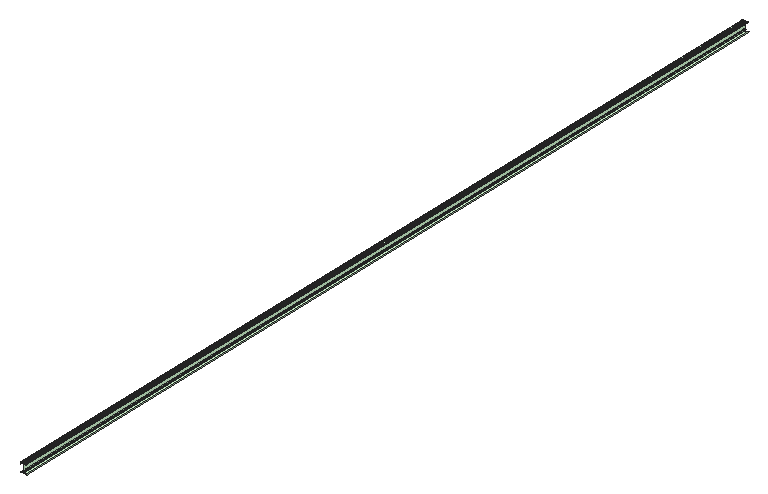
Revit family "hbar_30", category 機械設備, Revit 2022
Family settings
  丸型コネクタ寸法 = 直径を使用
  種別 = なし
  パーツ タイプ = 標準
  作業面ベース = いいえ
  常に垂直 = はい
  ロード時にボイドで切り取り = いいえ
  注釈の向きを維持 = いいえ
  共有 = いいえ
  部屋計算ポイント = いいえ
Parameters
  製造元 = "株式会社桐井製作所"
  既定の高さ = 0 mm
  URL = "https://www.kirii.co.jp/"
  K_長さ(mm) = 3000 mm
  K_材質 = "溶融亜鉛めっき鋼板及び鋼帯SGCC　一般用"
  K_品名 = "Hバー30"
  K_名称 = "Hバー"
  K_入数 = "10"
  K_バージョン情報 = "20220915"
  K_めっき付着量 = "Z12"
  K_JIS規格 = "JIS G 3302"
Reference planes
  plane 1 "中心(正面/背面)": y = 0
  plane 2: z = 0
  plane 3 "中心(左/右)": x = 0
  plane 4: y = 3000
Forms (mm)
  Extrusion 1, solid
    sketch origin (0, 0, 7.1) x (-1, 0, 0) y (0, 0, 1)
      loop
        arc (-3.032, 22.9) -> (-3.209, 22.038) -> (-4, 21.65) r 1
        arc (-4, 21.65) -> (-4.791, 22.038) -> (-4.968, 22.9) r 1
        line (-4.968, 22.9) -> (-7.5, 22.9)
        arc (-7.5, 22.9) -> (-7.854, 22.754) -> (-8, 22.4) r 0.5
        line (-8, 22.4) -> (-8, 19.9) -> (-7.5, 19.186) -> (-7.5, 22.4) -> (-5.479, 22.4)
        arc (-5.479, 22.4) -> (-4.968, 21.504) -> (-4, 21.15) r 1.5
        arc (-4, 21.15) -> (-3.032, 21.504) -> (-2.521, 22.4) r 1.5
        line (-2.521, 22.4) -> (-0.5, 22.4) -> (-0.5, -0.6) -> (-1.146, -1.246)
        arc (-1.146, -1.246) -> (-1.293, -1.6) -> (-1.146, -1.954) r 0.5
        line (-1.146, -1.954) -> (-0.5, -2.6) -> (-0.5, -5.6) -> (-10, -5.6)
        arc (-10, -5.6) -> (-10.75, -6.35) -> (-10, -7.1) r 0.75
        line (-10, -7.1) -> (0, -7.1) -> (10, -7.1)
        arc (10, -7.1) -> (10.75, -6.35) -> (10, -5.6) r 0.75
        line (10, -5.6) -> (0.5, -5.6) -> (0.5, -2.6) -> (1.146, -1.954)
        arc (1.146, -1.954) -> (1.293, -1.6) -> (1.146, -1.246) r 0.5
        line (1.146, -1.246) -> (0.5, -0.6) -> (0.5, 22.4) -> (2.521, 22.4)
        arc (2.521, 22.4) -> (3.032, 21.504) -> (4, 21.15) r 1.5
        arc (4, 21.15) -> (4.968, 21.504) -> (5.479, 22.4) r 1.5
        line (5.479, 22.4) -> (7.5, 22.4) -> (7.5, 19.186) -> (8, 19.9) -> (8, 22.4)
        arc (8, 22.4) -> (7.854, 22.754) -> (7.5, 22.9) r 0.5
        line (7.5, 22.9) -> (4.968, 22.9)
        arc (4.968, 22.9) -> (4.791, 22.038) -> (4, 21.65) r 1
        arc (4, 21.65) -> (3.209, 22.038) -> (3.032, 22.9) r 1
        line (3.032, 22.9) -> (0.5, 22.9)
        arc (0.5, 22.9) -> (0.146, 22.754) -> (0, 22.4) r 0.5
        arc (0, 22.4) -> (-0.146, 22.754) -> (-0.5, 22.9) r 0.5
        line (-0.5, 22.9) -> (-3.032, 22.9)
      loop
        line (0, -0.807) -> (-0.793, -1.6) -> (0, -2.393) -> (0.793, -1.6) -> (0, -0.807)
    from 0 to 3000
Dimensions and locks
  plane 4 to plane 1 "中心(正面/背面)" = 3000 mm
  aligned and locked: level to plane 2
  aligned and locked: plane 4 to Extrusion 1
